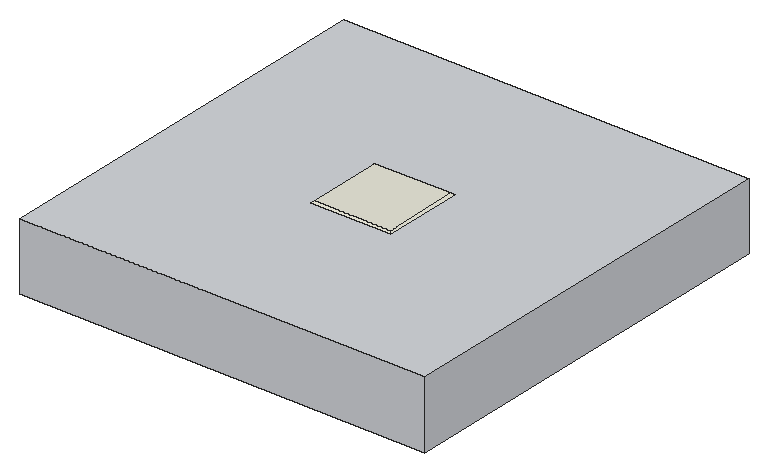
Revit family "SK-ZONE-6.BIM", category Fire Alarm Devices, host Face, Revit 2020
Family settings
  Host = Face
  Maintain Annotation Orientation = Yes
  Round Connector Dimension = Use Diameter
  Part Type = Normal
  OmniClass Number = 23.85.30.21
  OmniClass Title = Environmental Detection/Registration
  Cut with Voids When Loaded = No
  Shared = No
  Room Calculation Point = No
Parameters (values of type "Zone Interface")
  URL = "www.Silent Knight.com"
  Symbol_Rotate_90 [instance] = not(Symbol_Rotate_0)  # no
  Symbol_Rotate_0 [instance] = yes
  Symbol Text = "AIM"  # constant formula
  Mounting Requirements = "4 inch square x 2 1/2\" deep electrical box."
  Module Type = "Z"
  Model = "SK-ZONE-6"
  Manufacturer = "Silent Knight"  # constant formula
  Description = "Monitor Module - Zone Interface (2 wire) - Standard Size"
  Default Elevation = 4' - 0"
  Assembly Code = "D5030700"
Types (4): name | Module Type | Description
  Monitor | "M" | "Monitor Module - Standard Size"
  Dual Monitor | "DM" | "Monitor Module - Dual Monitor - Standard Size"
  Analog Input | "4-20 MA" | "Monitor Module - Analog Input - Standard Size"
  Zone Interface | "Z" | "Monitor Module - Zone Interface (2 wire) - Standard Size"
Reference planes (in)
  plane 1 "Center (Front/Back)": y = 0
  plane 2: z = 0
  plane 3 "Center (Left/Right)": x = 0
Forms (in)
  Extrusion 1, solid
    sketch origin (24, -6.72932, 0) x (1, 0, 0) y (0, 1, 0)
      loop
        line (-36, 18.72932) -> (-36, -5.27068) -> (-12, -5.27068) -> (-12, 18.72932) -> (-36, 18.72932)
    from 0 to -4
  Extrusion 2, solid, material "Plastic_Silent Knight_Grey", detail levels fine
    sketch origin (2.4214, 4.58985, 0) x (1, 0, 0) y (0, 1, 0)
      loop
        line (-4.4214, -2.33985) -> (-4.4214, -3.38514) -> (-3.52471, -3.38514) -> (-3.52471, -5.63514) -> (-4.4214, -5.63514) -> (-4.4214, -6.83985) -> (-0.4214, -6.83985) -> (-0.4214, -5.63514) -> (-1.3181, -5.63514) -> (-1.3181, -3.38514) -> (-0.4214, -3.38514) -> (-0.4214, -2.33985) -> (-4.4214, -2.33985)
    from 0 to -1.25
  Blend 3, solid, material "Plastic_Silent Knight_White"
    base sketch origin (0.45051, -0.13644, 0) x (1, 0, 0) y (0, 1, 0)
      loop
        line (-2.87616, 2.4608) -> (-2.87616, -2.2892) -> (1.87384, -2.2892) -> (1.87384, 2.4608) -> (-2.87616, 2.4608)
    top sketch origin (0.45051, -0.13644, 0) x (1, 0, 0) y (0, 1, 0)
      loop
        line (-2.75116, 2.3358) -> (-2.75116, -2.1642) -> (1.74884, -2.1642) -> (1.74884, 2.3358) -> (-2.75116, 2.3358)
    from 0 to 0.1008
Lines and regions (in)
  Masking region 1
    outline origin (0, 0, 0) x (1, 0, 0) y (0, 1, 0)
      loop
        line (-2.42564, 2.32436) -> (-2.30064, 2.19936) -> (2.19936, 2.19936) -> (2.32436, 2.32436) -> (-2.42564, 2.32436)
  Masking region 2
    outline origin (0, 0, 0) x (1, 0, 0) y (0, 1, 0)
      loop
        line (-2.42564, 2.32436) -> (-2.42564, -2.42564) -> (-2.30064, -2.30064) -> (-2.30064, 2.19936) -> (-2.42564, 2.32436)
  Masking region 3
    outline origin (0, 0, 0) x (1, 0, 0) y (0, 1, 0)
      loop
        line (-2.42564, -2.42564) -> (2.32436, -2.42564) -> (2.19936, -2.30064) -> (-2.30064, -2.30064) -> (-2.42564, -2.42564)
  Masking region 4
    outline origin (0, 0, 0) x (1, 0, 0) y (0, 1, 0)
      loop
        line (2.32436, 2.32436) -> (2.19936, 2.19936) -> (2.19936, -2.30064) -> (2.32436, -2.42564) -> (2.32436, 2.32436)
  Masking region 5
    outline origin (0, 0, 0) x (0, 1, 0) y (0, 0, 1)
      loop
        line (2.32436, 0) -> (2.22356, 0.1008) -> (-2.30064, 0.1008) -> (-2.42564, 0) -> (2.32436, 0)
  Masking region 6
    outline origin (0, 0, 0) x (1, 0, 0) y (0, 1, 0)
      loop
        line (-2.30064, 2.19936) -> (-2.30064, -2.30064) -> (2.19936, -2.30064) -> (2.19936, 2.19936) -> (-2.30064, 2.19936)
Dimensions and locks (in)
  aligned and locked: plane 2 to Extrusion 1
  aligned and locked: level to Extrusion 1
Nested families (in)
  nested 1: "ModuleAnnot 0" at (-0.01179, -0.0275, 0), visible <- "Symbol_Rotate_0", type "ModuleAnnot 0"
  nested 2: "ModuleAnnot 90" at (0, 0.02161, 0), visible <- "Symbol_Rotate_90", type "ModuleAnnot 90"
Connectors (in)
  electrical at (-0.05064, -0.05064, 0)
    settings: on Blend 3, index 1, voltage 0 V, apparent load 0 VA, apparent load phase1 0 VA, apparent load phase2 0 VA, apparent load phase3 0 VA, power factor 1, load classification "Other", number of poles 1, system type 11, power factor state 1, is connector primary yes, connector utility no, sub classification motor no, connector description ""
Definition of nested family "ModuleAnnot 0"
  Parameters
    Spare = ""
    SymbolText = "AOM"
    ModuleTypeSecondary = ""
    ModuleType = "M"
  Reference planes (in)
    plane 1: y = 0
    plane 2: x = 0
  Lines and regions (in)
    detail lines
      curve 1: line (-0.04071, 0.17335, 0) -> (0.04352, 0.17335, 0)
      curve 2: line (0.04352, 0.17335, 0) -> (0.08694, 0.08651, 0)
      curve 3: line (0.08694, 0.08651, 0) -> (0.04359, 0.00143, 0)
      curve 4: line (0.04359, 0.00143, 0) -> (-0.04242, 0.00143, 0)
      curve 5: line (-0.04242, 0.00143, 0) -> (-0.08496, 0.08651, 0)
      curve 6: line (-0.08496, 0.08651, 0) -> (-0.04071, 0.17335, 0)
  Text (in)
    label "ModuleType" at (0.09678, -0.00241, 0), shows "ModuleType"
    label "ModuleTypeSecondary" at (-0.1434, 0.19929, 0), shows "ModuleTypeSecondary"
    label "Spare" at (-0.10618, -0.00241, 0), shows "Spare"
    label "AOM" at (0.00023, 0.08868, 0), shows "SymbolText"
Definition of nested family "ModuleAnnot 90"
  Parameters
    Spare = ""
    SymbolText = "AOM"
    ModuleTypeSecondary = ""
    ModuleType = "M"
  Reference planes (in)
    plane 1: y = 0
    plane 2: x = 0
  Lines and regions (in)
    detail lines
      curve 1: line (-0.08663, 0.04335, 0) -> (-0.08663, 0.12758, 0)
      curve 2: line (-0.08663, 0.12758, 0) -> (0.00021, 0.171, 0)
      curve 3: line (0.00021, 0.171, 0) -> (0.08529, 0.12765, 0)
      curve 4: line (0.08529, 0.12765, 0) -> (0.08529, 0.04164, 0)
      curve 5: line (0.08529, 0.04164, 0) -> (0.00021, -0.0009, 0)
      curve 6: line (0.00021, -0.0009, 0) -> (-0.08663, 0.04335, 0)
  Text (in)
    label "ModuleType" at (0.08912, 0.18084, 0), shows "ModuleType"
    label "ModuleTypeSecondary" at (-0.11257, -0.05934, 0), shows "ModuleTypeSecondary"
    label "Spare" at (0.08912, -0.02212, 0), shows "Spare"
    label "AOM" at (-0.00197, 0.08429, 0), shows "SymbolText"
